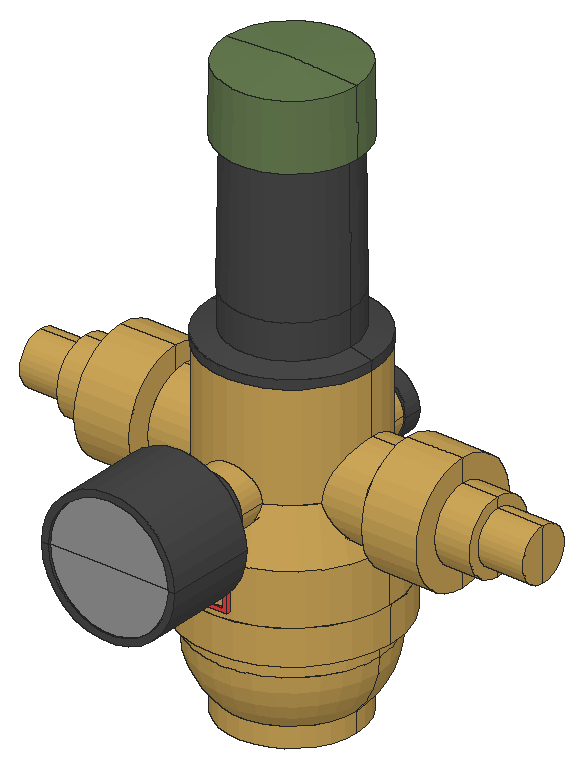
Revit family "Druckminderer mit Messingkappe 2682", category Rohrzubehör, Revit 2019
Family settings
  Bemaßung runder Anschluss = Durchmesser verwenden
  Teiletyp = Unterbricht
  OmniClass-Nummer = 23.65.55.14
  OmniClass-Titel = Valves for Liquid Services
  Arbeitsebenenbasiert = Nein
  Immer vertikal = Ja
  Beim Laden mit Abzugskörper schneiden = Nein
  Gemeinsam genutzt = Nein
Parameters (values of type "Manometer vorne")
  Werkseinstellung (sekundärseitig) = 300000.0 Pa  # constant formula
  W01 = 91.00°  # constant formula
  Vorne [instance] = yes
  VRL03 [instance] = size_lookup("2682_M_", "VRL3", 1.000 mm, Nennweite)  # 23.500 mm
  VRL02 [instance] = size_lookup("2682_M_", "VRL2", 1.000 mm, Nennweite)  # 16.000 mm
  VRL01 [instance] = size_lookup("2682_M_", "VRL1", 1.000 mm, Nennweite)  # 73.500 mm
  VRD02 [instance] = size_lookup("2682_M_", "VRD2", 1.000 mm, Nennweite)  # 17.000 mm
  VRD01 [instance] = size_lookup("2682_M_", "VRD1", 1.000 mm, Nennweite)  # 10.500 mm
  VRAG [instance] = Nennweite / 2  # 7.500 mm
  URL = "www.herz-armaturen.at"
  Standard = "EN 1567"  # constant formula
  SC_NennweiteBerechnet = 0
  SC_Dimension = ""
  SCTWSEQ = "AW;SBT_TYP_AW=\"111\";2"
  SCTWCODE = "04;24;02"  # constant formula
  S02 = 10.000 mm  # constant formula
  S01 [instance] = VRD02 * 2  # 34.000 mm
  R07 [instance] = R05 + 0.800 mm  # 9.300 mm
  R06 = 19.500 mm  # constant formula
  R05 [instance] = size_lookup("2682_M_", "R5", 1.000 mm, Nennweite)  # 8.500 mm
  R04 [instance] = size_lookup("2682_M_", "R4", 1.000 mm, Nennweite)  # 18.900 mm
  R03 [instance] = size_lookup("2682_M_", "R3", 1.000 mm, Nennweite)  # 19.250 mm
  R02 [instance] = size_lookup("2682_M_", "R2", 1.000 mm, Nennweite)  # 28.750 mm
  R01 [instance] = size_lookup("2682_M_", "R1", 1.000 mm, Nennweite)  # 23.250 mm
  Oberteile = "PA6.6"  # constant formula
  Nennweite [instance] = 15.000 mm
  Membrane = "EPDM"  # constant formula
  Medium = "Wasser"  # constant formula
  Max. Vordruck (primärseitig) = 1600000.0 Pa  # constant formula
  Max. Betriebstemperatur = 70 °C  # constant formula
  Maschenweite Filter = "0.3 mm"  # constant formula
  Manometerskala = "0 - 10 bar"  # constant formula
  Manometeranschluss (beidseitig) N = "1/4\" F (ISO 228-1)"
  LO01 [instance] = H02 - 2.000 mm  # 27.000 mm
  L01 [instance] = size_lookup("2682_M_", "L1", 1.000 mm, Nennweite)  # 10.600 mm
  L00 [instance] = size_lookup("2682_M_", "L", 1.000 mm, Nennweite)  # 84.000 mm
  Kappe = "Messing CW617N"  # constant formula
  Holländeranschlüsse = "Messing CW617N"  # constant formula
  Hinweis = "Gemäß Art 33 der REACH-Verordnung (EG Nr. 1907/2006) sind wir verpflichtet, darauf hinzuweisen, dass der Stoff Blei auf der SVHC-Liste geführt wird und dass alle aus Messing bestehenden Bauteile, die in unseren Erzeugnissen verarbeitet sind, mehr als 0,1 % (w/w) Blei (CAS: 7439-92-1 / EINECS: 231-100-4) enthalten.\r\nDa Blei als Legierungsbestandteil fest gebunden ist, sind keine Expositionen zu erwarten und daher sind keine zusätzlichen Angaben zur sicheren Verwendung notwendig."
  Hinten [instance] = no
  Hersteller = "HERZ Armaturen Ges.m.b.H."  # constant formula
  Handgriff = "PA 6.6, grün"  # constant formula
  H12 [instance] = size_lookup("2682_M_", "H12", 1.000 mm, Nennweite)  # 5.800 mm
  H11 [instance] = size_lookup("2682_M_", "H11", 1.000 mm, Nennweite)  # 10.000 mm
  H10 [instance] = size_lookup("2682_M_", "H10", 1.000 mm, Nennweite)  # 37.000 mm
  H09 [instance] = H01 + H04 - H05  # 84.500 mm
  H08 [instance] = size_lookup("2682_M_", "H8", 1.000 mm, Nennweite)  # 20.000 mm
  H07 [instance] = size_lookup("2682_M_", "H7", 1.000 mm, Nennweite)  # 10.000 mm
  H06 [instance] = size_lookup("2682_M_", "H6", 1.000 mm, Nennweite)  # 2.500 mm
  H05 [instance] = size_lookup("2682_M_", "H5", 1.000 mm, Nennweite)  # 4.700 mm
  H04 [instance] = size_lookup("2682_M_", "H4", 1.000 mm, Nennweite)  # 58.700 mm
  H03 [instance] = D02 + 1.000 mm  # 14.220 mm
  H02 [instance] = size_lookup("2682_M_", "H2", 1.000 mm, Nennweite)  # 29.000 mm
  H01 [instance] = size_lookup("2682_M_", "H1", 1.000 mm, Nennweite)  # 30.500 mm
  Gehäuse (DN32-DN50) = "Gussmessing (EN 1982; CC770S)"  # constant formula
  Gehäuse (DN15-DN25) = "geschmiedetes Messing (EN 12165; CW626N)"  # constant formula
  GT1 [instance] = size_lookup("2682_M_", "GT1", 1.000 mm, Nennweite)  # 12.000 mm
  GT [instance] = size_lookup("2682_M_", "GT", 1.000 mm, Nennweite)  # 13.200 mm
  Filter = "Edelstahl"  # constant formula
  Federführung = "Edelstahl"  # constant formula
  Feder = "Federstahl"  # constant formula
  Einstellbereich (sekundärseitig) = "1.5 - 6 bar"  # constant formula
  Dichtung im Druckreduziererelement = "EPDM"  # constant formula
  Dichtung der Holländeranschlüsse = "Klingersil C-4324"  # constant formula
  D09 [instance] = size_lookup("2682_M_", "D9", 1.000 mm, Nennweite)  # 19.000 mm
  D08 [instance] = size_lookup("2682_M_", "D8", 1.000 mm, Nennweite)  # 25.800 mm
  D07 [instance] = size_lookup("2682_M_", "D7", 1.000 mm, Nennweite)  # 29.000 mm
  D06 [instance] = size_lookup("2682_M_", "D6", 1.000 mm, Nennweite)  # 16.000 mm
  D05 [instance] = size_lookup("2682_M_", "D5", 1.000 mm, Nennweite)  # 16.800 mm
  D04 [instance] = size_lookup("2682_M_", "D4", 1.000 mm, Nennweite)  # 17.300 mm
  D03 [instance] = size_lookup("2682_M_", "D3", 1.000 mm, Nennweite)  # 23.500 mm
  D02 [instance] = size_lookup("2682_M_", "D2", 1.000 mm, Nennweite)  # 13.220 mm
  D01 [instance] = size_lookup("2682_M_", "D1", 1.000 mm, Nennweite)  # 9.525 mm
  Bestellnummer [instance] = size_lookup("2682_M_", "Artnr", 0, Nennweite)  # 1268221
  B03 = 5.000 mm  # constant formula
  B02 = 26.000 mm  # constant formula
  B01 [instance] = size_lookup("2682_M_", "B1", 1.000 mm, Nennweite)  # 30.000 mm
  B00 [instance] = size_lookup("2682_M_", "B", 1.000 mm, Nennweite)  # 67.000 mm
  Außengewinde = "gemäß ISO 7-1 und ISO228"  # constant formula
  Anwendung = "Typischerweise dient der Druckreduzierer dazu, Installationen beziehungsweise Anlagen vor zu hohem Druck zu schützen.\r\nWeiters können Druckreduzierer in Heizungsanlagen eingesetzt werden, um zu hohe Drücke im Boiler zu verhindern.\r\nDer Druck nach dem Druckreduzierer ist im angegebenen Bereich einstellbar und steht nicht im Zusammenhang mit dem Vordruck.\r\nUm den Druck nach dem Druckreduzierer zu steigern, muss der Handgriff im Uhrzeigersinn gedreht werden.\r\nDurch das Einstellen von Drücken, welche die vorgegebene Skala überschreiten, können Schäden am Druckreduzierer entstehen.\r\nWir empfehlen einen maximalen Hinterdruck sekundärseitig von 4 bar für Anlagen in privaten Haushalten (lange Produktlebensdauer, geringe Kosten).\r\nNach jeder Änderung des Einstellwertes muss die Ausgangsseite druckentlastet werden, zum Beispiel durch Wasserzapfen."
Types (3, lengths in mm): name | Vorne | Hinten
  (no name) | yes | no
  Manometer vorne | yes | no
  Manometer hinten | no | yes
Reference planes
  plane 1 "Mitte (Vorne/hinten)": y = 0
  plane 2: z = 0
  plane 3 "Mitte (Links/rechts)": x = 0
Forms (mm)
  Revolve 1, solid, material "Messing, weicher Gelbton, geschweißt", detail levels fine
    sketch origin (0, 0, 0) x (1, 0, 0) y (0, 0, 1)
      loop
        line (-42, 0) -> (42, 0) -> (42, 9.525) -> (31.4, 9.525) -> (31.4, 13.22) -> (-31.4, 13.22) -> (-31.4, 9.525) -> (-42, 9.525) -> (-42, 0)
      axis (-42, 0) -> (42, 0)
    angle from 0 to 360
  Revolve 2, solid, material "Messing, weicher Gelbton, geschweißt", detail levels fine
    sketch origin (0, 0, 0) x (1, 0, 0) y (0, 0, 1)
      loop
        line (0, -29) -> (28.75, -29) -> (28.75, -14.22) -> (23.25, 0) -> (23.25, 30.5) -> (0, 30.5) -> (0, -29)
      axis (0, 30.5) -> (0, -29)
    angle from 0 to 360
  Revolve 3, solid, material "Acetalharz, Schwarz", detail levels fine
    sketch origin (0, 0, 0) x (1, 0, 0) y (0, 0, 1)
      loop
        line (0, 30.5) -> (0, 89.2) -> (-16, 89.2) -> (-16, 84.5) -> (-16.8, 84.5) -> (-17.3, 44.5) -> (-17.3, 34.5) -> (-23.5, 33) -> (-23.5, 30.5) -> (0, 30.5)
      axis (0, 89.2) -> (0, 30.5)
    angle from 0 to 360
  Revolve 4, solid, material "Kunststoff GRÜN", detail levels fine
    sketch origin (0, 0, 0) x (1, 0, 0) y (0, 0, 1)
      loop
        line (0, 84.5) -> (19.25, 84.5) -> (18.9, 103.392)
        arc (18.9, 103.392) -> (9.466, 104.223) -> (0, 104.5) r 161.794
        line (0, 104.5) -> (0, 84.5)
      axis (0, 104.5) -> (0, 84.5)
    angle from 0 to 360
  Revolve 5, solid, material "Messing, weicher Gelbton, geschweißt", detail levels fine
    sketch origin (0, 0, 0) x (1, 0, 0) y (0, 0, 1)
      loop
        line (0, -29) -> (0, -66) -> (19, -66) -> (19, -60.2)
        arc (19, -60.2) -> (24.034, -52.577) -> (25.8, -43.615) r 23.626
        line (25.8, -43.615) -> (25.8, -39) -> (29, -39) -> (29, -29) -> (0, -29)
      axis (0, -29) -> (0, -66)
    angle from 0 to 360
  Revolve 6, solid, material "Messing, weicher Gelbton, geschweißt", detail levels fine
    sketch origin (0, 0, 0) x (1, 0, 0) y (0, 0, 1)
      loop
        line (34, 9.525) -> (46, 9.525) -> (46, 0) -> (73.5, 0) -> (73.5, 7.5) -> (60.3, 7.5) -> (60.3, 10.5) -> (50, 10.5) -> (50, 17) -> (34, 17) -> (34, 9.525)
      loop
        line (-34, 9.525) -> (-34, 17) -> (-50, 17) -> (-50, 10.5) -> (-60.3, 10.5) -> (-60.3, 7.5) -> (-73.5, 7.5) -> (-73.5, 0) -> (-46, 0) -> (-46, 9.525) -> (-34, 9.525)
      axis (-73.5, 0) -> (73.5, 0)
    angle from 0 to 360
  Revolve 7, solid, material "Messing, weicher Gelbton, geschweißt", detail levels fine
    sketch origin (0, 0, 0) x (1, 0, 0) y (0, 1, 0)
      loop
        line (0, 30) -> (0, -30) -> (8.5, -30) -> (8.5, 30) -> (0, 30)
      axis (0, 30) -> (0, -30)
    angle from 0 to 360
  Revolve 8, solid, material "Acetalharz, Schwarz", visible <- "Vorne", detail levels fine
    sketch origin (0, 0, 0) x (1, 0, 0) y (0, 1, 0)
      loop
        line (0, -30) -> (0, -65) -> (17.5, -65) -> (17.5, -67) -> (19.5, -67) -> (19.5, -41) -> (9.3, -41) -> (9.3, -30) -> (0, -30)
      axis (0, -30) -> (0, -67)
    angle from 0 to 360
  Revolve 9, solid, material "Acetalharz, Schwarz", visible <- "Vorne", detail levels fine
    sketch origin (0, 0, 0) x (1, 0, 0) y (0, 1, 0)
      loop
        line (0, 30) -> (9.3, 30) -> (9.3, 35) -> (0, 35) -> (0, 30)
      axis (0, 35) -> (0, 30)
    angle from 0 to 360
  Revolve 10, solid, material "Acetalharz, Schwarz", visible <- "Hinten", detail levels fine
    sketch origin (0, 0, 0) x (1, 0, 0) y (0, -1, 0)
      loop
        line (0, 30) -> (9.3, 30) -> (9.3, 35) -> (0, 35) -> (0, 30)
      axis (0, 35) -> (0, 30)
    angle from 0 to 360
  Revolve 11, solid, material "Acetalharz, Weiß", visible <- "Vorne", detail levels fine
    sketch origin (0, 0, 0) x (1, 0, 0) y (0, 1, 0)
      loop
        line (0, -65) -> (0, -66.5) -> (17.5, -66.5) -> (17.5, -65) -> (0, -65)
      axis (0, -65) -> (0, -66.5)
    angle from 0 to 360
  Revolve 12, solid, material "Acetalharz, Schwarz", visible <- "Hinten", detail levels fine
    sketch origin (0, 0, 0) x (1, 0, 0) y (0, -1, 0)
      loop
        line (0, -30) -> (0, -65) -> (17.5, -65) -> (17.5, -67) -> (19.5, -67) -> (19.5, -41) -> (9.3, -41) -> (9.3, -30) -> (0, -30)
      axis (0, -30) -> (0, -67)
    angle from 0 to 360
  Revolve 13, solid, material "Acetalharz, Weiß", visible <- "Hinten", detail levels fine
    sketch origin (0, 0, 0) x (1, 0, 0) y (0, -1, 0)
      loop
        line (0, -65) -> (0, -66.5) -> (17.5, -66.5) -> (17.5, -65) -> (0, -65)
      axis (0, -65) -> (0, -66.5)
    angle from 0 to 360
Lines and regions (mm)
  model lines, detail levels coarse+medium
    curve 1: line (-42, 0, -17) -> (-42, 0, 17)
    curve 2: line (-42, 0, 17) -> (42, 0, -34)
    curve 3: line (42, 0, -34) -> (42, 0, 34)
    curve 4: line (42, 0, 34) -> (-42, 0, -17)
    curve 5: line (-42, 0, 17) -> (-52, 0, 17)
    curve 6: line (-52, 0, 17) -> (-42, 0, 0)
    curve 7: line (-42, 0, -17) -> (-52, 0, -17)
    curve 8: line (-52, 0, -17) -> (-42, 0, 0)
    curve 9: line (-42, 0, 0) -> (-73.5, 0, 0)
    curve 10: line (42, 0, 17) -> (52, 0, 17)
    curve 11: line (52, 0, 17) -> (42, 0, 0)
    curve 12: line (42, 0, -17) -> (52, 0, -17)
    curve 13: line (52, 0, -17) -> (42, 0, 0)
    curve 14: line (42, 0, 0) -> (73.5, 0, 0)
    curve 15: line (-42, -17, 0) -> (-42, 17, 0)
    curve 16: line (-42, 17, 0) -> (42, -34, 0)
    curve 17: line (42, -34, 0) -> (42, 34, 0)
    curve 18: line (42, 34, 0) -> (-42, -17, 0)
    curve 19: line (-42, 17, 0) -> (-52, 17, 0)
    curve 20: line (-52, 17, 0) -> (-42, 0, 0)
    curve 21: line (-42, -17, 0) -> (-52, -17, 0)
    curve 22: line (-52, -17, 0) -> (-42, 0, 0)
    curve 23: line (42, 0, -17) -> (42, 0, 17)
    curve 24: line (42, 0, 17) -> (52, 0, 17)
    curve 25: line (52, 0, 17) -> (42, 0, 0)
    curve 26: line (42, 17, 0) -> (52, 17, 0)
    curve 27: line (52, 17, 0) -> (42, 0, 0)
    curve 28: line (42, -17, 0) -> (52, -17, 0)
    curve 29: line (52, -17, 0) -> (42, 0, 0)
Dimensions and locks
  equal spacing: Revolve 1 sketch curve, plane 3 "Mitte (Links/rechts)", Revolve 1 sketch curve
  "L00": Revolve 1 sketch curve to Revolve 1 sketch curve
  "L01": Revolve 1 sketch curve to Revolve 1 sketch curve  (x2)
  "D01": Revolve 1 sketch curve to Revolve 1 sketch curve  (x2)
  "D02": Revolve 1 sketch curve to plane 2
  "R01": Revolve 2 sketch curve to Revolve 2 sketch curve
  "R02": Revolve 2 sketch curve to Revolve 2 sketch curve
  "H01": Revolve 2 sketch curve to plane 2
  "H02": plane 2 to Revolve 2 sketch curve
  "H03": plane 2 to Revolve 2 sketch curve
  "H01": Revolve 3 sketch curve to plane 2
  "H04": Revolve 3 sketch curve to Revolve 3 sketch curve
  "H05": Revolve 3 sketch curve to Revolve 3 sketch curve
  "H06": Revolve 3 sketch curve to Revolve 3 sketch curve
  "H07": Revolve 3 sketch curve to Revolve 3 sketch curve
  "D03": Revolve 3 sketch curve to Revolve 3 sketch curve
  "D04": Revolve 3 sketch curve to Revolve 3 sketch curve
  "D05": Revolve 3 sketch curve to Revolve 3 sketch curve
  "D06": Revolve 3 sketch curve to Revolve 3 sketch curve
  "R03": Revolve 4 sketch curve to Revolve 4 sketch curve
  "H08": Revolve 4 sketch curve to Revolve 4 sketch curve
  "R04": Revolve 4 sketch curve to plane 3 "Mitte (Links/rechts)"
  "H09": Revolve 4 sketch curve to plane 2
  "H10": Revolve 5 sketch curve to Revolve 5 sketch curve
  "H02": plane 2 to Revolve 5 sketch curve
  "D07": Revolve 5 sketch curve to Revolve 5 sketch curve
  "H11": Revolve 5 sketch curve to Revolve 5 sketch curve
  "D08": Revolve 5 sketch curve to Revolve 5 sketch curve
  "H12": Revolve 5 sketch curve to Revolve 5 sketch curve
  "D09": Revolve 5 sketch curve to Revolve 5 sketch curve
  "VRL02": Revolve 6 sketch curve to Revolve 6 sketch curve  (x2)
  "VRL01": Revolve 6 sketch curve to plane 3 "Mitte (Links/rechts)"
  "GT": Revolve 6 sketch curve to Revolve 6 sketch curve  (x2)
  "VRL03": Revolve 6 sketch curve to Revolve 6 sketch curve  (x2)
  "D01": Revolve 6 sketch curve to plane 2  (x2)
  "GT1": Revolve 6 sketch curve to Revolve 6 sketch curve  (x2)
  "VRAG": Revolve 6 sketch curve to plane 2  (x2)
  "VRD01": Revolve 6 sketch curve to plane 2  (x2)
  "VRD02": Revolve 6 sketch curve to Revolve 6 sketch curve  (x2)
  "VRL01": plane 3 "Mitte (Links/rechts)" to Revolve 6 sketch curve
  "B01": Revolve 7 sketch curve to plane 1 "Mitte (Vorne/hinten)" to Revolve 7 sketch curve
  "R05": Revolve 7 sketch curve to Revolve 7 sketch curve
  "B00": Revolve 8 sketch curve to plane 1 "Mitte (Vorne/hinten)"
  "B01": plane 1 "Mitte (Vorne/hinten)" to Revolve 8 sketch curve
  "B02": Revolve 8 sketch curve to Revolve 8 sketch curve
  "R06": Revolve 8 sketch curve to Revolve 8 sketch curve
  "R07": Revolve 8 sketch curve to Revolve 8 sketch curve
  "R02": nested 1 to plane 1 "Mitte (Vorne/hinten)"
  "LO01": plane 2 to nested 1
  "VRD02": curve 2 to plane 2 to curve 4
  "S01": curve 4 to plane 2 to curve 3
  equal spacing: curve 3, plane 3 "Mitte (Links/rechts)", curve 1
  "L00": curve 3 to curve 1
  "S02": curve 1 to curve 6
  "S02": curve 1 to curve 8
  "VRL01": plane 3 "Mitte (Links/rechts)" to curve 9
  "S02": curve 11 to curve 3
  "S02": curve 13 to curve 3
  "VRL01": curve 14 to plane 3 "Mitte (Links/rechts)"
  "VRD02": curve 10 to plane 2 to curve 12
  equal spacing: curve 15, plane 3 "Mitte (Links/rechts)", curve 17
  "L00": curve 15 to curve 17
  "VRD02": curve 18 to plane 1 "Mitte (Vorne/hinten)" to curve 16
  "S01": curve 17 to plane 1 "Mitte (Vorne/hinten)" to curve 18
  "S02": curve 20 to curve 15
  "S02": curve 22 to curve 15
  "S02": curve 17 to curve 27
  "S02": curve 17 to curve 29
  "VRD02": curve 28 to plane 1 "Mitte (Vorne/hinten)" to curve 26
  "R07": Revolve 9 sketch curve to Revolve 9 sketch curve
  "B03": Revolve 9 sketch curve to Revolve 9 sketch curve
  "B01": plane 1 "Mitte (Vorne/hinten)" to Revolve 9 sketch curve
  "R07": Revolve 10 sketch curve to Revolve 10 sketch curve
  "B03": Revolve 10 sketch curve to Revolve 10 sketch curve
  "B01": Revolve 10 sketch curve to plane 1 "Mitte (Vorne/hinten)"
  "B02": Revolve 12 sketch curve to Revolve 12 sketch curve
  "R06": Revolve 12 sketch curve to Revolve 12 sketch curve
  "R07": Revolve 12 sketch curve to Revolve 12 sketch curve
  aligned and locked: level to plane 2
Automatic sketch dimensions
  Revolve 11 sketch curve to plane 3 "Mitte (Links/rechts)" = 0.000 mm  (x2)
  plane 3 "Mitte (Links/rechts)" to Revolve 11 sketch curve = 17.500 mm
  plane 1 "Mitte (Vorne/hinten)" to Revolve 11 sketch curve = 66.500 mm
  Revolve 11 sketch curve to Revolve 11 sketch curve = 1.500 mm
  Revolve 11 sketch curve to Revolve 11 sketch curve = 1933.500 mm
  Revolve 11 sketch curve to plane 1 "Mitte (Vorne/hinten)" = 2000.000 mm
  Revolve 13 sketch curve to plane 3 "Mitte (Links/rechts)" = 0.000 mm  (x2)
  Revolve 13 sketch curve to plane 3 "Mitte (Links/rechts)" = 17.500 mm
  plane 1 "Mitte (Vorne/hinten)" to Revolve 13 sketch curve = 66.500 mm
  Revolve 13 sketch curve to Revolve 13 sketch curve = 1.500 mm
  Revolve 13 sketch curve to Revolve 13 sketch curve = 1933.500 mm
  Revolve 13 sketch curve to plane 1 "Mitte (Vorne/hinten)" = 2000.000 mm
  curve 25 to level = 0.000 mm
  curve 14 to level = 0.000 mm
  curve 6 to level = 0.000 mm
  curve 8 to level = 0.000 mm
  curve 24 to curve 10 = 0.000 mm
  plane 1 "Mitte (Vorne/hinten)" to curve 29 = 0.000 mm
  plane 1 "Mitte (Vorne/hinten)" to curve 20 = 0.000 mm
  Revolve 1 sketch curve to level = 0.000 mm  (x2)
  Revolve 1 sketch curve to Revolve 1 sketch curve = 1464.530 mm
  Revolve 1 sketch curve to Revolve 1 sketch curve = 1797.148 mm
  Revolve 2 sketch curve to plane 3 "Mitte (Links/rechts)" = 0.000 mm  (x2)
  Revolve 2 sketch curve to level = 0.000 mm
  Revolve 2 sketch curve to Revolve 2 sketch curve = 337.045 mm
  Revolve 2 sketch curve to Revolve 2 sketch curve = 2183.815 mm
  Revolve 3 sketch curve to plane 3 "Mitte (Links/rechts)" = 0.000 mm  (x2)
  Revolve 3 sketch curve to Revolve 3 sketch curve = 1.500 mm
  Revolve 3 sketch curve to level = 366.045 mm
  Revolve 3 sketch curve to Revolve 3 sketch curve = 2125.115 mm
  Revolve 4 sketch curve to plane 3 "Mitte (Links/rechts)" = 0.000 mm  (x2)
  Revolve 4 sketch curve to level = 57.294 mm
  Revolve 4 sketch curve to Revolve 4 sketch curve = 308.751 mm
  Revolve 4 sketch curve to Revolve 4 sketch curve = 2109.815 mm
  Revolve 5 sketch curve to plane 3 "Mitte (Links/rechts)" = 0.000 mm  (x2)
  plane 3 "Mitte (Links/rechts)" to Revolve 5 sketch curve = 2.174 mm
  Revolve 5 sketch curve to Revolve 5 sketch curve = 300.045 mm
  level to Revolve 5 sketch curve = 2214.315 mm
  Revolve 6 sketch curve to level = 0.000 mm  (x3)
  Revolve 6 sketch curve to Revolve 6 sketch curve = 1433.030 mm
  Revolve 6 sketch curve to Revolve 6 sketch curve = 1765.648 mm
  Revolve 7 sketch curve to plane 3 "Mitte (Links/rechts)" = 0.000 mm  (x2)
  Revolve 7 sketch curve to Revolve 7 sketch curve = 1950.000 mm  (x2)
  Revolve 8 sketch curve to plane 3 "Mitte (Links/rechts)" = 0.000 mm  (x2)
  Revolve 8 sketch curve to Revolve 8 sketch curve = 2.000 mm  (x2)
  Revolve 8 sketch curve to Revolve 8 sketch curve = 1936.000 mm
  Revolve 8 sketch curve to plane 1 "Mitte (Vorne/hinten)" = 2000.000 mm
  Revolve 9 sketch curve to plane 3 "Mitte (Links/rechts)" = 0.000 mm  (x2)
  plane 1 "Mitte (Vorne/hinten)" to Revolve 9 sketch curve = 2000.000 mm
  Revolve 9 sketch curve to Revolve 9 sketch curve = 1963.669 mm
  Revolve 10 sketch curve to plane 3 "Mitte (Links/rechts)" = 0.000 mm  (x2)
  plane 1 "Mitte (Vorne/hinten)" to Revolve 10 sketch curve = 2000.000 mm
  Revolve 10 sketch curve to Revolve 10 sketch curve = 1963.669 mm
  Revolve 12 sketch curve to plane 3 "Mitte (Links/rechts)" = 0.000 mm  (x2)
  Revolve 12 sketch curve to Revolve 12 sketch curve = 2.000 mm  (x2)
  plane 1 "Mitte (Vorne/hinten)" to Revolve 12 sketch curve = 67.000 mm
  Revolve 12 sketch curve to Revolve 12 sketch curve = 11.000 mm
  Revolve 12 sketch curve to Revolve 12 sketch curve = 1936.000 mm
  Revolve 12 sketch curve to plane 1 "Mitte (Vorne/hinten)" = 2000.000 mm
Nested families
  nested 1: "Herz-Logo-vorne" at (0, -28.75, -22.5) x (0, 1, 0) z (0, 0, 1), type "Herz-Logo-vorne", detail levels fine
Connectors
  piping at (73.5, 0, 0), diameter 15, driven by "Nennweite"
    settings: on Revolve 6, index 1, connector inside diameter 609.6 mm, connector length 0.000 mm, flow factor 0, pipe flow 0.0 L/s, pressure drop 0.0 Pa, fitting loss kfactor 0, connector angle 0.00°, fixture units 0, engagement length 0.000 mm, angle of deflection 0.00°, flow configuration 0, flow direction 2, fitting loss method 0, system type 29, joint type 0, gender type 0, connector reference index -1, connector utility 0, adjustable connector no, is connector primary yes, connector description ""
  piping at (-73.5, 0, 0), diameter 15, driven by "Nennweite"
    settings: on Revolve 6, index 2, connector inside diameter 609.6 mm, connector length 0.000 mm, flow factor 0, pipe flow 0.0 L/s, pressure drop 0.0 Pa, fitting loss kfactor 0, connector angle 0.00°, fixture units 0, engagement length 0.000 mm, angle of deflection 0.00°, flow configuration 0, flow direction 1, fitting loss method 0, system type 29, joint type 0, gender type 0, connector reference index -1, connector utility 0, adjustable connector no, is connector primary no, connector description ""
Definition of nested family "Herz-Logo-vorne"
  Reference planes
    plane 1 "Mitte (Vorne/hinten)": y = 0
    plane 2: z = 0
    plane 3 "Mitte (Links/rechts)": x = 0
  Forms (mm)
    Extrusion 1, solid
      sketch origin (0.732, -0.018, 0.017) x (0, -1, 0) y (0, 0, 1)
        loop
          line (-0.018, -4.517) -> (4.482, -4.517) -> (4.482, 4.483) -> (-4.518, 4.483) -> (-4.518, -4.517) -> (-0.018, -4.517)
        loop
          line (-0.05, -3.48) -> (3.482, -3.48) -> (3.482, 3.483) -> (-3.518, 3.483) -> (-3.518, -3.48) -> (-0.05, -3.48)
        loop
          arc (-0.018, 2.383) -> (-1.543, 3.287) -> (-3.067, 2.383) r 1.738
          arc (-3.067, 2.383) -> (-3.191, 1.899) -> (-3.067, 1.415) r 1.009
          line (-3.067, 1.415) -> (-0.018, -3.281) -> (3.032, 1.415)
          arc (3.032, 1.415) -> (3.156, 1.899) -> (3.032, 2.383) r 1.009
          arc (3.032, 2.383) -> (1.507, 3.287) -> (-0.018, 2.383) r 1.738
        loop
          arc (1.885, 1.272) -> (2.005, 1.675) -> (1.885, 2.079) r 0.74
          arc (1.885, 2.079) -> (1.265, 2.416) -> (0.644, 2.079) r 0.74
          line (0.644, 2.079) -> (-0.018, 0.97) -> (-0.679, 2.079)
          arc (-0.679, 2.079) -> (-1.3, 2.416) -> (-1.921, 2.079) r 0.74
          arc (-1.921, 2.079) -> (-2.04, 1.675) -> (-1.921, 1.272) r 0.74
          line (-1.921, 1.272) -> (-0.018, -1.658) -> (1.885, 1.272)
      from 0 to 1.5
  Dimensions and locks
    aligned and locked: level to plane 2
